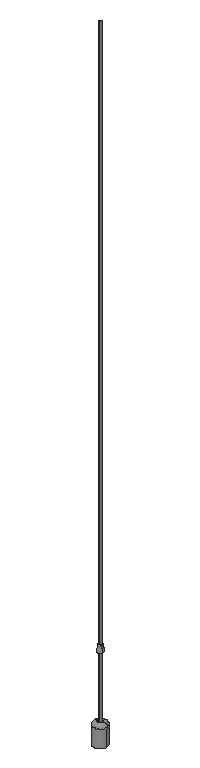
Revit family "Floral 600", category Lighting Fixtures, host Ceiling, Revit 2017
Family settings
  Host = Ceiling
  Round Connector Dimension = Use Diameter
  Part Type = Normal
  OmniClass Number = 23.80.70.11
  OmniClass Title = Luminaries for Internal Lighting
  Always vertical = Yes
  Cut with Voids When Loaded = No
  Light Source = Yes
  Shared = No
  Room Calculation Point = No
Parameters (values of type "Generic")
  Wattage Comments = "Max. 60 Watts. 110V(US) / 230-240V(EU). Lamp NOT provided."
  Wattage = 6.7321 W
  built-in parameter 1150110 = 1 (stored number, unit not read)
  URL = "https://www.davidtrubridge.com"
  Type Comments = "Ceilig Rose required, contact supplier for options."
  built-in parameter 1114217 = 1 (stored number, unit not read)
  built-in parameter 1150109 = 1 (stored number, unit not read)
  built-in parameter 1150134 = (empty or 0)
  Suspension Top [instance] = Suspension Mid - 300 mm  # 1700 mm
  built-in parameter 1150113 = 1 (stored number, unit not read)
  Model = "Floral 600"
  Manufacturer = "David Trubridge"
  Lumens = 1000 lm
  built-in parameter 1150115 = 1 (stored number, unit not read)
  built-in parameter 1150105 = 79.577 (stored number, unit not read)
  Suspension Mid [instance] = 2000 mm
  Light Source Symbol Size = 100 mm
  built-in parameter 1150137 = (empty or 0)
  built-in parameter 1150139 = (empty or 0)
  Lamp Wattage = 0 W
  built-in parameter 1150112 = 1 (stored number, unit not read)
  built-in parameter 1150114 = 1 (stored number, unit not read)
  Lamp = "E27 / (E26 USA)"
  built-in parameter 1150132 = 2
  built-in parameter 1150102 = (empty or 0)
  built-in parameter 1150138 = (empty or 0)
  built-in parameter 1150107 = 3000 (stored number, unit not read)
  built-in parameter 1150106 = 0.79577 (stored number, unit not read)
  built-in parameter 1150104 = 13.8 (stored number, unit not read)
  Dimming Lamp Color Temperature Shift = <None>
  Description = "Pendant in bamboo plywood. Can be made in a large range of colours. Lamp is not supplied"
  Cordset Finish = Plastic, Opaque White
  Color Filter = 16777215
  built-in parameter 1114218 = 1 (stored number, unit not read)
  built-in parameter 1150133 = 10 (stored number, unit not read)
  Apparent Load = 0 VA
Reference planes
  plane 1 "Light Source Axis (F/B)": y = 0
  plane 2: z = 0
  plane 3 "Light Source Axis (L/R)": x = 0
  plane 4 "Ceiling": z = 4000
  plane 5 "Light Source Elevation": z = 2000
  plane 6 "Top of pendant": z = 2300
  plane 7 "Light Socket": z = 2050
  plane 8 "Outer edge": x = -300
  plane 9 "Outer Edge": x = 300
  plane 10 "Bottom of Pendant": z = 1700
Forms (mm)
  Revolve 1, solid, material "Plastic, Opaque White" <- "Cordset Finish"
    sketch origin (0, 0, -205) x (1, 0, 0) y (0, 0, 1)
      loop
        line (0, 2317) -> (0, 2255) -> (20, 2255) -> (20, 2307)
        arc (20, 2307) -> (17.071, 2314.071) -> (10, 2317) r 10
        line (10, 2317) -> (0, 2317)
      axis (0, 2255) -> (0, 2317)
    angle from 0 to 360
  Extrusion 2, solid, material "Plastic, Opaque White" <- "Cordset Finish"
    sketch origin (0, 0, 3200) x (0, 1, 0) y (-1, 0, 0)
      loop
        circle (0, 0) r 3
    from -900 to 800
  Extrusion 3, solid, material "Plastic, Opaque White" <- "Cordset Finish"
    sketch origin (0, 0, 3200) x (0, 1, 0) y (-1, 0, 0)
      loop
        circle (0, 0) r 3
    from -1150 to -900
  Revolve 4, solid, material "Plastic, Opaque White" <- "Cordset Finish"
    sketch origin (0, 0, -40) x (1, 0, 0) y (0, 0, 1)
      loop
        line (0, 2360) -> (0, 2340) -> (7.5, 2340) -> (5, 2360) -> (0, 2360)
      axis (0, 2340) -> (0, 2360)
    angle from 0 to 360
Dimensions and locks
  equal spacing: host sketch curve, plane 3 "Light Source Axis (L/R)", host sketch curve
  equal spacing: host sketch curve, plane 1 "Light Source Axis (F/B)", host sketch curve
  host sketch curve to host sketch curve = 4000 mm  (x2)
  host ceiling to plane 4 "Ceiling" = 0 mm
  plane 4 "Ceiling" to level = 4000 mm
  "Suspension Mid": plane 5 "Light Source Elevation" to plane 4 "Ceiling"
  locked: plane 5 "Light Source Elevation" to plane 6 "Top of pendant" at 300
  locked: plane 5 "Light Source Elevation" to plane 7 "Light Socket" at 50
  plane 9 "Outer Edge" to plane 8 "Outer edge" = 600 mm
  plane 8 "Outer edge" to plane 9 "Outer Edge" = 600 mm
  locked: plane 10 "Bottom of Pendant" to plane 6 "Top of pendant" at 600
  "Suspension Top": Revolve 4 to plane 4 "Ceiling"
  aligned and locked: plane 3 "Light Source Axis (L/R)" to imposter light
  aligned and locked: plane 1 "Light Source Axis (F/B)" to imposter light
  aligned and locked: plane 5 "Light Source Elevation" to imposter light
  aligned and locked: Extrusion 2 to plane 6 "Top of pendant"
  aligned and locked: Extrusion 3 to Revolve 1
  aligned and locked: plane 7 "Light Socket" to Extrusion 3
  aligned and locked: level to plane 2
  aligned and locked: Extrusion 3 to plane 6 "Top of pendant"
  aligned and locked: Extrusion 2 to plane 4 "Ceiling"
  aligned and locked: import instance to plane 6 "Top of pendant"
Automatic sketch dimensions
  Revolve 1 sketch curve to plane 3 "Light Source Axis (L/R)" = 0 mm
  plane 3 "Light Source Axis (L/R)" to Revolve 1 sketch curve = 0 mm
  plane 3 "Light Source Axis (L/R)" to Revolve 1 sketch curve = 10 mm
  Revolve 1 sketch curve to Revolve 1 sketch curve = 20 mm
  Revolve 1 sketch curve to plane 5 "Light Source Elevation" = 50 mm
  Revolve 1 sketch curve to Revolve 1 sketch curve = 52 mm
  Revolve 1 sketch curve to level = 563.228 mm
  Revolve 1 sketch curve to plane 4 "Ceiling" = 157.185 mm
  plane 1 "Light Source Axis (F/B)" to Extrusion 2 sketch curve = 0 mm
  Extrusion 2 sketch curve to plane 3 "Light Source Axis (L/R)" = 0 mm
  plane 1 "Light Source Axis (F/B)" to Extrusion 3 sketch curve = 0 mm
  Extrusion 3 sketch curve to plane 3 "Light Source Axis (L/R)" = 0 mm
  Revolve 4 sketch curve to plane 3 "Light Source Axis (L/R)" = 0 mm  (x2)
  Revolve 4 sketch curve to plane 6 "Top of pendant" = 0 mm
  plane 3 "Light Source Axis (L/R)" to Revolve 4 sketch curve = 5 mm
  plane 3 "Light Source Axis (L/R)" to Revolve 4 sketch curve = 7.5 mm
  Revolve 4 sketch curve to plane 6 "Top of pendant" = 20 mm
  Revolve 4 sketch curve to level = 344.8 mm
  plane 4 "Ceiling" to Revolve 4 sketch curve = 40 mm
  radius of Extrusion 2 sketch curve = 3 mm
  radius of Extrusion 3 sketch curve = 3 mm
Connectors
  electrical at (0, 0, 4000)
    settings: index 1, voltage 0 V, apparent load 0 VA, apparent load phase1 0 VA, apparent load phase2 0 VA, apparent load phase3 0 VA, power factor 1, load classification "Other", number of poles 1, system type 30, power factor state 0, is connector primary yes, connector utility no, sub classification motor no, connector description ""
